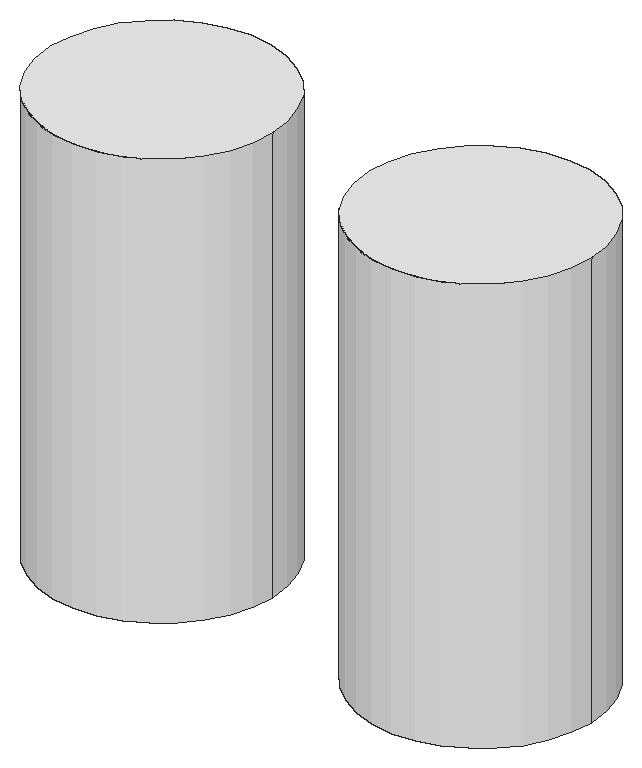
Revit family "64912210", category Plumbing Fixtures, Revit 2016
Family settings
  Part Type = Normal
  Round Connector Dimension = Use Diameter
  OmniClass Number = 23.45.55.00
  OmniClass Title = Sanitary Faucets, Wastes
  Work Plane-Based = No
  Always vertical = Yes
  Cut with Voids When Loaded = No
  Shared = No
  Room Calculation Point = No
Parameters (values of type "64912210 Washbasin faucet, 6 V")
  WorkingPressure = "100 - 1000 kPa"
  WarrantyStartDate [instance] = "n/a"
  WarrantyGuarantorParts = "n/a"
  WarrantyGuarantorLabor = "n/a"
  WarrantyDurationUnit = "Year"
  WarrantyDurationParts = "n/a"
  WarrantyDurationLabor = "n/a"
  WarrantyDescription = "http://warranty.hansa.com"
  VersionDate = "01/01/2019"  # constant formula
  Version = "2"  # constant formula
  ValvePattern = "n/a"
  ValveOperation = "n/a"
  ValveMechanism = "n/a"
  Usage Group = "Offices, personnel sanitary facilities;Pharmacies, Opticians, Dentists;Health centers & Child welfare clinics;Households"
  Uniclass2015Reference = "Pr_40_20_87_07"
  Uniclass2015Description = "Bath manual water supply sets"
  Uniclass2 = "Pr_40_30_96_07"
  URL STF = "http://static.hansa.com/STF/64912210"
  URL SINTEF = "http://static.hansa.com/Sintef/64912210"
  URL ETA-Danmark = "http://static.hansa.com/ETADanmark/64912210"
  URL = ""
  TestPressure = "n/a"
  Temperature = "Temperature regulator, temperature limiter"
  TagNumber [instance] = "n/a"
  SustainabilityPerformance = "n/a"
  Spout Type = "Fixed spout"
  Spare Parts = "http://static.hansa.com/sp/64912210"
  Size = "70x165x150 mm"
  Sintef Certificate = "Sintef Nr. 1534"
  Shape = "Sculptured"
  SerialNumber [instance] = "n/a"
  STF Certificate = "VTT-RTH-00002-10"
  Revision = "2"  # constant formula
  ReplacementCost = "n/a"
  Recognition Range = "optimally preset"
  Protection Class = "IP 55"
  Projection = 115 mm
  ProductInformation = "n/a"
  Product URL = "http://static.hansa.com/64912210"
  Product Image URL = "http://static.hansa.com/image/64912210"
  Product Family = "HANSAELECTRA"
  Product Datasheet = "http://www.hansa.com/datasheet/64912210/en"
  Product Code = "64912210"
  Pressure Loss With Flow 01ls = 200000.0 Pa
  Pipes = "Flexible inlet pipe(s)"
  Package external Dimensions = "520 x 215 x 70"
  Package Weight = "2.10 kg"
  OperatingMechanismMaterial = "n/a"
  Operating Voltage = 6 V
  NominalWidth = 68.472 mm
  NominalHeight = 147 mm
  NominalDepth = 163.5 mm
  Noise Class = "I (ISO 3822)"
  Name_en = "64912210 Washbasin faucet, 6 V"
  Name = "64912210 Washbasin faucet, 6 V"
  NBSReference = "45-35-70/371"
  NBSDescription = "Water supply fittings for wash basins and troughs"
  Mounting Holes = "1 mounting hole"
  ModelReference = "64912210"
  ModelNumber = "n/a"
  Model = "64912210 Washbasin faucet, 6 V"
  Mechanical Parts = "Litter filter(s)"
  Max. Hot Water Supply = 70 °C
  Max Flow Period = 120.0 s
  Material = "Brass"
  Market = "AUT;BEL;CZE;DEU;ESP;FRA;INT;ITA;NLD;SVK"
  ManufacturerName = "Hansa"
  Manufacturer = "Hansa"
  ManufacterURL = "http://www.hansa.com/"
  Lever Handle = "Temperature control handle"
  Keynote = ""
  Intelligent After Flow Period = "2 s ± 1 s"
  InstallationDate [instance] = "n/a"
  Installation and Maintenance = "http://static.hansa.com/manual/64912210"
  Installation Type = "Deck mounted"
  InletConnectionSize = 16 mm
  IfcExportType = "FAUCET"  # constant formula
  IfcExportAs = "IfcValveType"  # constant formula
  Health Sales Arguments = "Touch-free operation. Maximum comfort, maximum hygiene."
  Group = "Washbasin faucets"
  Grade = "n/a"
  FlowCoefficient = 0
  Flow Rate At 300kPa With Flow Controller = 0.1 L/s
  Flow Drawing URL = "http://static.hansa.com/flowchart/64912210"
  Flow = "Limitation option for maximum flow-rate"
  Finish = "Polished"
  Features = "Battery-operated, touchless"
  FaucetMainMaterial = Brass
  FDV Document URL = "http://www.hansa.com/datasheet/64912210/en/fdv"
  Extensions = "No pop-up waste included"
  ExpectedLife = "n/a"
  Electronic Parts = "Solenoid valve, infrared sensor"
  ETA-Danmark = "VA 1.42/19220"
  EMC Directive = "2004/108/EY"
  EAN Number = "4015474273382"
  DurationUnit = "Year"
  Dimension Drawing URL = "http://static.hansa.com/dimdrw/64912210"
  Description = ""
  DefaultElevation [instance] = 900 mm
  DN Size = "DN15"
  Customs Code = "84818011"
  ConvergoRefNr = "0087-1809-0155-FI"
  Constituents = "n/a"
  Connection Size = "G3/8"
  Color = "Chrome"
  CodePerformance = "n/a"
  CloseOffRating = 0
  Class = "Battery-operated, touchless"
  Category = "Bathroom, public & semi-public"
  Catalog Drawing URL = "http://static.hansa.com/catdrw/64912210"
  Brand = "Hansa"
  BodyMaterial = "Brass"
  Battery = "Lithium 2CR5 6 V"
  Barcode [instance] = "n/a"
  BIMObjectName = "64912210"
  Author = "Convergo AB"  # constant formula
  AssetType = "Fixed"
  AssetIdentifier [instance] = "n/a"
  Aerator = "Aerator"
  Advanced Features = "Without draw-rod opening"
  AccessibilityPerformance = "n/a"
  2D/3D/BIM Files URL = "http://static.hansa.com/bim/64912210"
Reference planes
  plane 1 "Center (Front/Back)": y = 0
  plane 2: z = 0
  plane 3 "Center (Left/Right)": x = 0
  plane 4: x = -30
  plane 5: z = 900
  plane 6: z = 870
  plane 7: y = -163.5
  plane 8: x = 30
  plane 9: z = 1047
  plane 10: x = 38.472
Forms (mm)
  Extrusion 1, solid, material "Brass" <- "FaucetMainMaterial"
    sketch origin (0, -7.766, 0) x (1, 0, 0) y (0, 1, 0)
      loop
        circle (-11.5, -22.5) r 8
      loop
        circle (11.5, -22.5) r 8
    from 870 to 900
Dimensions and locks
  "DefaultElevation": plane 5 to level
  locked: plane 5 to plane 6 at 30
  "NominalDepth": plane 7 to plane 1 "Center (Front/Back)"
  equal spacing: plane 4, plane 3 "Center (Left/Right)", plane 8
  "NominalHeight": plane 9 to plane 5
  plane 8 to plane 10 = 8.472 mm
  "NominalWidth": plane 4 to plane 10
  "InletConnectionSize": diameter of Extrusion 1 sketch curve  (x2)
  aligned and locked: level to plane 2
  aligned and locked: plane 5 to Extrusion 1
  aligned and locked: Extrusion 1 to plane 6
  aligned and locked: nested 2 to plane 5
Automatic sketch dimensions
  Extrusion 1 sketch curve to plane 3 "Center (Left/Right)" = 11.5 mm
  plane 3 "Center (Left/Right)" to Extrusion 1 sketch curve = 11.5 mm
  plane 1 "Center (Front/Back)" to Extrusion 1 sketch curve = 30.266 mm  (x2)
Nested families
  nested 1: "Symbol" at (0, 0, 0), type "Symbol", detail levels coarse
  nested 2: "64912210_p" at (0, 0, 900), Material <- "FaucetMainMaterial", type "64912210_p"
    with Material Brass
Connectors
  piping at (-11.5, -30.266, 870), diameter 16, driven by "InletConnectionSize", driven by "Flow Rate At 300kPa With Flow Controller"
    settings: on Extrusion 1, index 1, connector inside diameter 609.6 mm, connector length 0 mm, flow factor 0, pipe flow 0.1 L/s, pressure drop 0.0 Pa, fitting loss kfactor 0, connector angle 0.00°, fixture units 0, engagement length 0 mm, angle of deflection 0.00°, flow configuration 1, flow direction 1, fitting loss method 0, system type 19, joint type 0, gender type 0, connector reference index -1, connector utility 0, adjustable connector no, is connector primary yes, connector description ""
  piping at (11.5, -30.266, 870), diameter 16, driven by "InletConnectionSize", driven by "Flow Rate At 300kPa With Flow Controller"
    settings: on Extrusion 1, index 2, connector inside diameter 609.6 mm, connector length 0 mm, flow factor 0, pipe flow 0.1 L/s, pressure drop 0.0 Pa, fitting loss kfactor 0, connector angle 0.00°, fixture units 0, engagement length 0 mm, angle of deflection 0.00°, flow configuration 1, flow direction 1, fitting loss method 0, system type 20, joint type 0, gender type 0, connector reference index -1, connector utility 0, adjustable connector no, is connector primary no, connector description ""
Definition of nested family "Symbol"
  Reference planes
    plane 1: y = 0
    plane 2: x = 0
  Lines and regions (mm)
    detail lines
      curve 1: line (0, 0, 0) -> (0, -1.8, 0)
      curve 2: line (-0.4, -1.1, 0) -> (0.4, -1.1, 0)
      curve 3: line (-0.4, -1.4, 0) -> (0.4, -1.4, 0)
      curve 4: line (0.863, 0, 0) -> (-0.863, 0, 0)
      curve 5: circle (-1.163, 0, 0) r 0.3 normal (0, 0, -1)
      curve 6: circle (1.163, 0, 0) r 0.3 normal (0, 0, 1)
